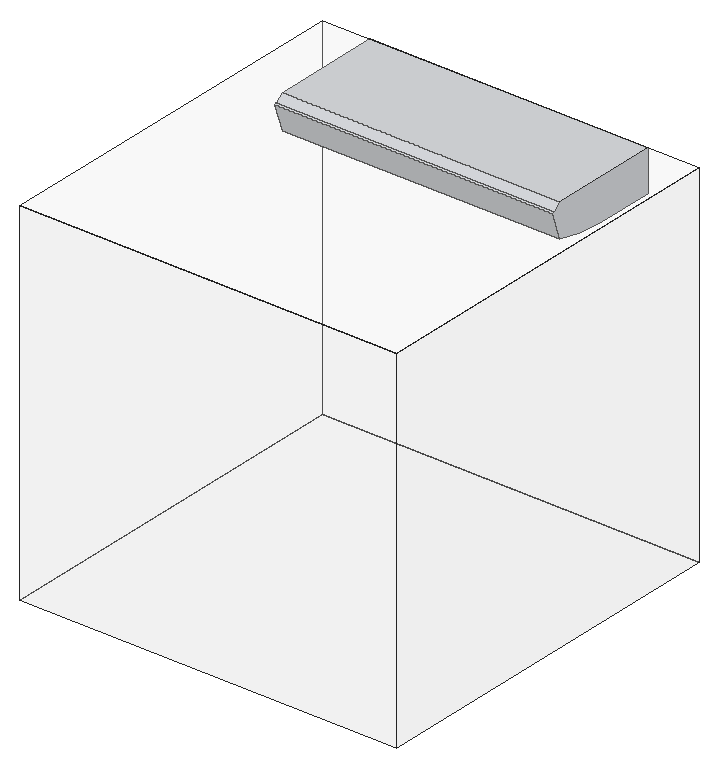
Revit family "pc-rp40_160kal18_60Hz", category 機械設備, Revit 2019
Family settings
  丸型コネクタ寸法 = 直径を使用
  パーツ タイプ = 標準
  OmniClass 番号 = 23.75.10.24.21.27.27
  OmniClass タイトル = Split System Air Conditioning Units
  作業面ベース = いいえ
  常に垂直 = はい
  ロード時にボイドで切り取り = いいえ
  共有 = いいえ
  部屋計算ポイント = はい
Parameters (values of type "天吊_PC-RP112KA18")
  風量（弱）（m3／min） = 20
  風量（中2）（m3／min） = 22
  風量（中1）（m3／min） = 26
  風量（m3／min） = 29
  風量 = MAX風量  # 1740.0 m³/h
  音響パワーレベル（弱）(dB) = 54
  音響パワーレベル（中2）(dB) = 56
  音響パワーレベル（中1）(dB) = 59
  音響パワーレベル(dB) = 62
  電源種別 = ""
  電源_H = 0 mm
  電圧_電気ヒーター = 0 V
  電圧 = 200 V
  電動機出力_送風機 = 0.16 kW
  運転質量 = 0.00 kg
  連動 = ""
  質量 = if(製品質量 > 運転質量, 製品質量, 運転質量) * 1.2  # 45.60 kg
  負荷分類 = 3_ファン類
  説明 = "店舗・事務所用パッケージエアコン(Mr.SLIM) [本体] 天吊形室内機"
  設計暖房能力 = 0.00 kW
  設計冷房能力_顕熱 = 0 kW
  設計冷房能力 = 0 kW
  設置方法 = "天井吊形"
  記号 = ""
  製造元 = "三菱電機株式会社"
  製品質量 = 38.00 kg
  製品出荷対象 = "国内"
  製品リリース年月 = "2022/10/11"
  製品グループ = ""
  背面_液管接続口 = 180 mm
  背面_ドレン管接続口 = 233 mm
  背面_ガス管接続口 = 200 mm
  系統 = ""
  符号 = "ACP-CR"
  積算_科目 = "1 空気調和設備"
  積算_拾い区分 [instance] = ""
  相 = 1
  盤記号 = ""
  発停方法 = "付属スイッチ"
  特殊仕様 = ""
  点検口離隔 [instance] = if(点検口離隔入力値 > 200 mm, 200 mm, if(点検口離隔入力値 < 150 mm, 150 mm, 点検口離隔入力値))  # 150 mm
  点検口離隔入力値 [instance] = 0 mm
  点検口設置範囲 = 0 mm
  点検口 = yes
  火災停止 = ""
  消費電力_電気ヒーター = 0.00 kW
  消費電力_暖房 = 0.00 kW
  消費電力_加湿器 = 0.00 kW
  消費電力_冷房 = 0.12 kW
  消費電力 = if(消費電力_冷房 > 消費電力_暖房, 消費電力_冷房, 消費電力_暖房) + 消費電力_加湿器 + 消費電力_電気ヒーター  # 0.12 kW
  法定耐用年数 = "6"
  極数 = 1
  材質 = ""
  本体マテリアル = none
  有効加湿量 = 0
  暖房能力 = 0.00 kW
  推奨ブレーカー容量 = 0 A
  形式_加湿器 = ""
  形式 = "天井吊（露出）形"
  幹線記号 = ""
  始動方式 = "直入"
  呼称 = "室内機_天井吊(露出)形"
  周波数 = 60 Hz
  吊り位置Y = 320 mm
  吊り位置X = 1557 mm
  吊りボルト_H = 50 mm
  台数_手元リモコン = ""
  台数_冷媒分岐ユニット = ""
  参照している仕様書等のバージョン = "公共建築物標準仕様書（機械設備工事編）平成31年度版"
  加湿給水管径 = 0 mm
  分類コード = "50053003221080"
  分類グループ = ""
  冷房能力 = 10 kW
  冷媒高低圧ガス管径 = 0 mm
  冷媒管径符号 = "Bd"
  冷媒管径 = 100 mm
  冷媒液管高さ = 126 mm
  冷媒液管径 = 9.5 mm
  冷媒ガス管高さ = 126 mm
  冷媒ガス管径 = 15.9 mm
  価格 = 357000
  企業コード = "108420"
  付属品_フィルター = ""
  付属品 = ""
  仕様書バージョン = "Version1.0"
  モデル = "PC-RP112KA18"
  パネルマテリアル = none
  ドレン管高さ = 190 mm
  ドレン管径 (外径) = 26 mm
  ドレン管径 = 20 mm
  サービススペース = yes
  コメント [instance] = ""
  ケーブル種類1 = ""
  ケーブルサイズ1 = 0 mm
  Width = 1600 mm
  Version = ""
  Uniclass2015Version = "Systems v1.9"
  Uniclass2015Title = "Split coil remote air cooled condensing units"
  Uniclass2015Code = "Pr_70_65_03_84"
  URL = "https://www.mitsubishielectric.co.jp/ldg/wink/ssl/displayProduct.do?pid=323463"
  SpecificationReference = ""
  SpecificationDescription = ""
  Revision = ""
  ProductInformation = ""
  OmniClassCode = "23-33 17 13 11"
  MIN風量 = 風量（弱）（m3／min） * 60.0 m³/h  # 1200.0 m³/h
  MID風量2 = 風量（中2）（m3／min） * 60.0 m³/h  # 1320.0 m³/h
  MID風量 = 風量（中1）（m3／min） * 60.0 m³/h  # 1560.0 m³/h
  MAX風量 = 風量（m3／min） * 60.0 m³/h  # 1740.0 m³/h
  IfcTypeProduct = ""
  IfcProduct = ""
  IfcExportType = "AIRCONDITIONINGUNIT"
  IfcExportAs = "IfcUnitaryEquipmentType"
  Height_本体 = 230 mm
  Height = Height_本体 + 6 mm  # 236 mm
  Depth = 680 mm
  Clearance Top = 1 mm
  Clearance Right = 300 mm
  Clearance Left = 270 mm
  Clearance Front = 1500 mm
  Clearance Bottom = 1800 mm
  Clearance Back = 0 mm
  Author = "三菱電機株式会社"
Types (20, lengths in mm): name | 風量（弱）（m3／min） | 風量（中2）（m3／min） | 風量（中1）（m3／min） | 風量（m3／min） | 風量 | 音響パワーレベル（弱）(dB) | 音響パワーレベル（中2）(dB) | 音響パワーレベル（中1）(dB) | 音響パワーレベル(dB) | 電動機出力_送風機 | 質量 | 製品質量 | 背面_液管接続口 | 背面_ガス管接続口 | 消費電力_暖房 | 消費電力_冷房 | 消費電力 | 暖房能力 | 吊り位置X | 冷房能力 | 冷媒管径符号 | 冷媒液管径 | 冷媒ガス管径 | 価格 | モデル | Width | URL | MIN風量 | MID風量2 | MID風量 | MAX風量
  天吊_PC-RP45KAL18 | 9 | 10 | 11 | 13 | 780.0 m³/h | 48 | 50 | 53 | 55 | 0.09 kW | 28.80 kg | 24.00 kg | 184 | 203 | 0.04 kW | 0.05 kW | 0.05 kW | 4.50 kW | 917 | 4 kW | "Ac" | 6.35 | 12.7 | 287000 | "PC-RP45KAL18" | 960 | "https://www.mitsubishielectric.co.jp/ldg/wink/ssl/displayProduct.do?pid=323627" | 540.0 m³/h | 600.0 m³/h | 660.0 m³/h | 780.0 m³/h
  天吊_PC-RP56KAL18 | 10 | 11 | 12 | 13 | 780.0 m³/h | 48 | 50 | 53 | 55 | 0.09 kW | 30.00 kg | 25.00 kg | 184 | 203 | 0.05 kW | 0.06 kW | 0.06 kW | 5.60 kW | 917 | 5 kW | "Ac" | 6.35 | 12.7 | 308000 | "PC-RP56KAL18" | 960 | "https://www.mitsubishielectric.co.jp/ldg/wink/ssl/displayProduct.do?pid=323629" | 600.0 m³/h | 660.0 m³/h | 720.0 m³/h | 780.0 m³/h
  天吊_PC-RP71KAL18 | 13 | 16 | 18 | 20 | 1200.0 m³/h | 50 | 53 | 55 | 57 | 0.095 kW | 38.40 kg | 32.00 kg | 180 | 200 | 0.09 kW | 0.10 kW | 0.10 kW | 7.00 kW | 1237 | 6.3 kW | "Bd" | 9.5 | 15.9 | 318000 | "PC-RP71KAL18" | 1280 | "https://www.mitsubishielectric.co.jp/ldg/wink/ssl/displayProduct.do?pid=323631" | 780.0 m³/h | 960.0 m³/h | 1080.0 m³/h | 1200.0 m³/h
  天吊_PC-RP80KAL18 | 13 | 16 | 18 | 20 | 1200.0 m³/h | 50 | 53 | 55 | 57 | 0.095 kW | 38.40 kg | 32.00 kg | 180 | 200 | 0.09 kW | 0.10 kW | 0.10 kW | 8.00 kW | 1237 | 7.1 kW | "Bd" | 9.5 | 15.9 | 334000 | "PC-RP80KAL18" | 1280 | "https://www.mitsubishielectric.co.jp/ldg/wink/ssl/displayProduct.do?pid=323632" | 780.0 m³/h | 960.0 m³/h | 1080.0 m³/h | 1200.0 m³/h
  天吊_PC-RP112KAL18 | 20 | 22 | 26 | 29 | 1740.0 m³/h | 54 | 56 | 59 | 62 | 0.16 kW | 45.60 kg | 38.00 kg | 180 | 200 | 0.11 kW | 0.12 kW | 0.12 kW | 11.20 kW | 1557 | 10 kW | "Bd" | 9.5 | 15.9 | 368000 | "PC-RP112KAL18" | 1600 | "https://www.mitsubishielectric.co.jp/ldg/wink/ssl/displayProduct.do?pid=323633" | 1200.0 m³/h | 1320.0 m³/h | 1560.0 m³/h | 1740.0 m³/h
  天吊_PC-RP140KAL18 | 21 | 24 | 27 | 31 | 1860.0 m³/h | 56 | 58 | 61 | 63 | 0.16 kW | 45.60 kg | 38.00 kg | 180 | 200 | 0.13 kW | 0.14 kW | 0.14 kW | 14.00 kW | 1557 | 12.5 kW | "Bd" | 9.5 | 15.9 | 420000 | "PC-RP140KAL18" | 1600 | "https://www.mitsubishielectric.co.jp/ldg/wink/ssl/displayProduct.do?pid=323634" | 1260.0 m³/h | 1440.0 m³/h | 1620.0 m³/h | 1860.0 m³/h
  天吊_PC-RP160KAL18 | 22 | 25 | 28 | 33 | 1980.0 m³/h | 58 | 60 | 62 | 65 | 0.16 kW | 45.60 kg | 38.00 kg | 180 | 200 | 0.16 kW | 0.17 kW | 0.17 kW | 16.00 kW | 1557 | 14 kW | "Bd" | 9.5 | 15.9 | 430000 | "PC-RP160KAL18" | 1600 | "https://www.mitsubishielectric.co.jp/ldg/wink/ssl/displayProduct.do?pid=323471" | 1320.0 m³/h | 1500.0 m³/h | 1680.0 m³/h | 1980.0 m³/h
  天吊_PC-RP63KAL18 | 12 | 14 | 15 | 17 | 1020.0 m³/h | 49 | 51 | 53 | 55 | 0.095 kW | 38.40 kg | 32.00 kg | 184 | 203 | 0.06 kW | 0.07 kW | 0.07 kW | 6.30 kW | 1237 | 5.6 kW | "Ac" | 6.4 | 12.7 | 317000 | "PC-RP63KAL18" | 1280 | "https://www.mitsubishielectric.co.jp/ldg/wink/ssl/displayProduct.do?pid=323630" | 720.0 m³/h | 840.0 m³/h | 900.0 m³/h | 1020.0 m³/h
  天吊_PC-RP40KAL18 | 9 | 10 | 11 | 13 | 780.0 m³/h | 48 | 50 | 53 | 55 | 0.09 kW | 28.80 kg | 24.00 kg | 184 | 203 | 0.04 kW | 0.05 kW | 0.05 kW | 4.00 kW | 917 | 3.6 kW | "Ac" | 6.35 | 12.7 | 278000 | "PC-RP40KAL18" | 960 | "https://www.mitsubishielectric.co.jp/ldg/wink/ssl/displayProduct.do?pid=323626" | 540.0 m³/h | 600.0 m³/h | 660.0 m³/h | 780.0 m³/h
  天吊_PC-RP50KAL18 | 10 | 11 | 12 | 13 | 780.0 m³/h | 48 | 50 | 53 | 55 | 0.09 kW | 30.00 kg | 25.00 kg | 184 | 203 | 0.05 kW | 0.06 kW | 0.06 kW | 5.00 kW | 917 | 4.5 kW | "Ac" | 6.35 | 12.7 | 295000 | "PC-RP50KAL18" | 960 | "https://www.mitsubishielectric.co.jp/ldg/wink/ssl/displayProduct.do?pid=323628" | 600.0 m³/h | 660.0 m³/h | 720.0 m³/h | 780.0 m³/h
  天吊_PC-RP112KA18 | 20 | 22 | 26 | 29 | 1740.0 m³/h | 54 | 56 | 59 | 62 | 0.16 kW | 45.60 kg | 38.00 kg | 180 | 200 | 0.00 kW | 0.12 kW | 0.12 kW | 0.00 kW | 1557 | 10 kW | "Bd" | 9.5 | 15.9 | 357000 | "PC-RP112KA18" | 1600 | "https://www.mitsubishielectric.co.jp/ldg/wink/ssl/displayProduct.do?pid=323463" | 1200.0 m³/h | 1320.0 m³/h | 1560.0 m³/h | 1740.0 m³/h
  天吊_PC-RP140KA18 | 21 | 24 | 27 | 31 | 1860.0 m³/h | 56 | 58 | 61 | 63 | 0.16 kW | 45.60 kg | 38.00 kg | 180 | 200 | 0.00 kW | 0.14 kW | 0.14 kW | 0.00 kW | 1557 | 12.5 kW | "Bd" | 9.5 | 15.9 | 409000 | "PC-RP140KA18" | 1600 | "https://www.mitsubishielectric.co.jp/ldg/wink/ssl/displayProduct.do?pid=323651" | 1260.0 m³/h | 1440.0 m³/h | 1620.0 m³/h | 1860.0 m³/h
  天吊_PC-RP160KA18 | 22 | 25 | 28 | 33 | 1980.0 m³/h | 58 | 60 | 62 | 65 | 0.16 kW | 45.60 kg | 38.00 kg | 180 | 200 | 0.00 kW | 0.17 kW | 0.17 kW | 0.00 kW | 1557 | 14 kW | "Bd" | 9.5 | 15.9 | 419000 | "PC-RP160KA18" | 1600 | "https://www.mitsubishielectric.co.jp/ldg/wink/ssl/displayProduct.do?pid=323464" | 1320.0 m³/h | 1500.0 m³/h | 1680.0 m³/h | 1980.0 m³/h
  天吊_PC-RP40KA18 | 9 | 10 | 11 | 13 | 780.0 m³/h | 48 | 50 | 53 | 55 | 0.09 kW | 28.80 kg | 24.00 kg | 184 | 203 | 0.00 kW | 0.05 kW | 0.05 kW | 0.00 kW | 917 | 3.6 kW | "Ac" | 6.35 | 12.7 | 267000 | "PC-RP40KA18" | 960 | "https://www.mitsubishielectric.co.jp/ldg/wink/ssl/displayProduct.do?pid=323457" | 540.0 m³/h | 600.0 m³/h | 660.0 m³/h | 780.0 m³/h
  天吊_PC-RP45KA18 | 9 | 10 | 11 | 13 | 780.0 m³/h | 48 | 50 | 53 | 55 | 0.09 kW | 28.80 kg | 24.00 kg | 184 | 203 | 0.00 kW | 0.05 kW | 0.05 kW | 0.00 kW | 917 | 4 kW | "Ac" | 6.35 | 12.7 | 276000 | "PC-RP45KA18" | 960 | "https://www.mitsubishielectric.co.jp/ldg/wink/ssl/displayProduct.do?pid=323650" | 540.0 m³/h | 600.0 m³/h | 660.0 m³/h | 780.0 m³/h
  天吊_PC-RP50KA18 | 10 | 11 | 12 | 13 | 780.0 m³/h | 48 | 50 | 53 | 55 | 0.09 kW | 30.00 kg | 25.00 kg | 184 | 203 | 0.00 kW | 0.06 kW | 0.06 kW | 0.00 kW | 917 | 4.5 kW | "Ac" | 6.35 | 12.7 | 284000 | "PC-RP50KA18" | 960 | "https://www.mitsubishielectric.co.jp/ldg/wink/ssl/displayProduct.do?pid=323458" | 600.0 m³/h | 660.0 m³/h | 720.0 m³/h | 780.0 m³/h
  天吊_PC-RP56KA18 | 10 | 11 | 12 | 13 | 780.0 m³/h | 48 | 50 | 53 | 55 | 0.09 kW | 30.00 kg | 25.00 kg | 184 | 203 | 0.00 kW | 0.06 kW | 0.06 kW | 0.00 kW | 917 | 5 kW | "Ac" | 6.35 | 12.7 | 297000 | "PC-RP56KA18" | 960 | "https://www.mitsubishielectric.co.jp/ldg/wink/ssl/displayProduct.do?pid=323459" | 600.0 m³/h | 660.0 m³/h | 720.0 m³/h | 780.0 m³/h
  天吊_PC-RP63KA18 | 12 | 14 | 15 | 17 | 1020.0 m³/h | 49 | 51 | 53 | 55 | 0.095 kW | 38.40 kg | 32.00 kg | 184 | 203 | 0.00 kW | 0.07 kW | 0.07 kW | 0.00 kW | 1237 | 5.6 kW | "Ac" | 6.4 | 12.7 | 306000 | "PC-RP63KA18" | 1280 | "https://www.mitsubishielectric.co.jp/ldg/wink/ssl/displayProduct.do?pid=323460" | 720.0 m³/h | 840.0 m³/h | 900.0 m³/h | 1020.0 m³/h
  天吊_PC-RP71KA18 | 13 | 16 | 18 | 20 | 1200.0 m³/h | 50 | 53 | 55 | 57 | 0.095 kW | 38.40 kg | 32.00 kg | 180 | 200 | 0.00 kW | 0.10 kW | 0.10 kW | 0.00 kW | 1237 | 6.3 kW | "Bd" | 9.5 | 15.9 | 307000 | "PC-RP71KA18" | 1280 | "https://www.mitsubishielectric.co.jp/ldg/wink/ssl/displayProduct.do?pid=323461" | 780.0 m³/h | 960.0 m³/h | 1080.0 m³/h | 1200.0 m³/h
  天吊_PC-RP80KA18 | 13 | 16 | 18 | 20 | 1200.0 m³/h | 50 | 53 | 55 | 57 | 0.095 kW | 38.40 kg | 32.00 kg | 180 | 200 | 0.00 kW | 0.10 kW | 0.10 kW | 0.00 kW | 1237 | 7.1 kW | "Bd" | 9.5 | 15.9 | 323000 | "PC-RP80KA18" | 1280 | "https://www.mitsubishielectric.co.jp/ldg/wink/ssl/displayProduct.do?pid=323462" | 780.0 m³/h | 960.0 m³/h | 1080.0 m³/h | 1200.0 m³/h
Reference planes
  plane 1 "中心(正面/背面)": y = 0
  plane 2: z = 0
  plane 3 "中心(左/右)": x = 0
  plane 4: z = 236
  plane 5: y = 260
  plane 6: y = -60
  plane 7: y = 340
  plane 8: y = -340
  plane 9: x = -800
  plane 10: x = 800
  plane 11: x = -1070
  plane 12: x = 1100
  plane 13 "back": y = 340
  plane 14: y = -1840
  plane 15: z = 237
  plane 16: z = -1800
  plane 17: x = 714
  plane 18: x = 629
  plane 19: z = 110
  plane 20 "液管": y = 156
  plane 21: y = 336
  plane 22 "ガス管": y = 136
  plane 23 "ドレン管": y = 103
  plane 24: x = 662
  plane 25: z = 46
  plane 26: x = -725
  plane 27: x = 671.5
Forms (mm)
  Extrusion 1, solid, detail levels fine
    sketch origin (0, 156, 0) x (0, 0, -1) y (1, 0, 0)
      loop
        circle (-110, 629) r 3.175
    from 0 to 100
  Extrusion 2, solid, detail levels fine
    sketch origin (0, 136, 0) x (0, 0, -1) y (1, 0, 0)
      loop
        circle (-110, 714) r 6.35
    from 0 to 100
  Extrusion 3, solid, detail levels fine
    sketch origin (0, 103, 0) x (0, 0, -1) y (1, 0, 0)
      loop
        circle (-46, 662) r 13
    from 0 to 100
  Extrusion 4, solid, detail levels fine
    sketch origin (0, 103, 0) x (0, 0, -1) y (1, 0, 0)
      loop
        circle (-46, -725) r 13
    from 0 to 100
  Extrusion 5, solid, detail levels fine
    sketch origin (0, 136, 0) x (0, 0, -1) y (1, 0, 0)
      loop
        circle (-110, 671.5) r 50
    from 0 to 120
Dimensions and locks
  "吊り位置Y": plane 6 to plane 5
  equal spacing: plane 8, plane 1 "中心(正面/背面)", plane 7
  "Depth": plane 8 to plane 7
  equal spacing: plane 9, plane 3 "中心(左/右)", plane 10
  "Width": plane 9 to plane 10
  "Clearance Back": plane 7 to plane 13 "back"
  "Clearance Front": plane 14 to plane 8
  "Clearance Right": plane 10 to plane 12
  "Clearance Left": plane 11 to plane 9
  "Height": plane 4 to level
  locked: plane 5 to plane 7 at 80
  "Clearance Bottom": level to plane 16
  "Clearance Top": plane 15 to plane 4
  plane 10 to plane 9 = 1600 mm
  "背面_液管接続口": plane 20 "液管" to plane 21
  "背面_ガス管接続口": plane 22 "ガス管" to plane 21
  "背面_ドレン管接続口": plane 23 "ドレン管" to plane 21
  "冷媒ガス管高さ": plane 4 to plane 19
  "ドレン管高さ": plane 4 to plane 25
  plane 17 to plane 27 to plane 18 = 42.5 mm, 42.5 mm
  locked: plane 10 to plane 17 at 86
  locked: plane 17 to plane 18 at 85
  locked: plane 10 to plane 24 at 138
  locked: plane 26 to plane 9 at 75
  diameter of Extrusion 2 = 12.7 mm
  diameter of Extrusion 1 = 6.35 mm
  "ドレン管径 (外径)": diameter of Extrusion 3
  "ドレン管径 (外径)": diameter of Extrusion 4
  aligned and locked: level to plane 2
  aligned and locked: nested 2 to plane 5
  aligned and locked: plane 6 to nested 2
  aligned and locked: nested 1 to plane 11
  aligned and locked: nested 1 to plane 12
  aligned and locked: plane 14 to nested 1
  aligned and locked: plane 13 "back" to nested 1
  aligned and locked: plane 15 to nested 1
  aligned and locked: plane 1 "中心(正面/背面)" to nested 3
  aligned and locked: plane 3 "中心(左/右)" to nested 3
  aligned and locked: plane 16 to nested 1
  aligned and locked: Extrusion 1 to plane 20 "液管"
  aligned and locked: Extrusion 2 to plane 22 "ガス管"
  aligned and locked: Extrusion 3 to plane 23 "ドレン管"
  aligned and locked: Extrusion 4 to plane 23 "ドレン管"
Automatic sketch dimensions
  Extrusion 1 sketch curve to plane 18 = 0 mm
  Extrusion 1 sketch curve to plane 19 = 0 mm
  Extrusion 2 sketch curve to plane 17 = 0 mm
  Extrusion 2 sketch curve to plane 19 = 0 mm
  Extrusion 3 sketch curve to plane 24 = 0 mm
  Extrusion 3 sketch curve to plane 25 = 0 mm
  Extrusion 4 sketch curve to plane 25 = 0 mm
  Extrusion 4 sketch curve to plane 26 = 0 mm
  Extrusion 5 sketch curve to plane 19 = 0 mm
  Extrusion 5 sketch curve to plane 27 = 0 mm
  radius of Extrusion 1 sketch curve = 3.175 mm
  radius of Extrusion 2 sketch curve = 6.35 mm
  radius of Extrusion 3 sketch curve = 13 mm
  radius of Extrusion 4 sketch curve = 13 mm
  radius of Extrusion 5 sketch curve = 50 mm
Nested families
  nested 1: "サービススペース" at (15, -750, -781.5), visible <- "サービススペース", type "サービススペース"
    with Width 2170 mm, Height 2037 mm, Depth 2180 mm
  nested 2: "固定点" at (-458.5, -60, 0), type "固定点"
    with W 917 mm, D 320 mm
  nested 3: "PCFY-P-KMG" at (0, 0, 0), type "PCFY-P-KMG", detail levels fine
    with 冷媒配管サイズ 9.5 mm, 吊りボルト-W 1557 mm, ガス配管サイズ 15.9 mm, 幅さ 1600 mm
Connectors
  electrical at (516, 339, 206), driven by "極数", driven by "負荷分類", driven by "電圧", driven by "消費電力"
    settings: on nested 3, index 1, voltage 200 V, apparent load 120 VA, apparent load phase1 0 VA, apparent load phase2 0 VA, apparent load phase3 0 VA, power factor 1, load classification "3_ファン類", number of poles 1, system type 30, power factor state 1, is connector primary yes, connector utility no, sub classification motor no, connector description ""
  piping at (671.5, 136, 110), diameter 100, driven by "冷媒管径"
    settings: on Extrusion 5, index 2, connector inside diameter 609.6 mm, connector length 0 mm, flow factor 0, pipe flow 0.0 L/s, pressure drop 0.0 Pa, fitting loss kfactor 0, connector angle 0.00°, fixture units 0, engagement length 0 mm, angle of deflection 0.00°, flow configuration 1, flow direction 1, fitting loss method 4, system type 7, joint type 0, gender type 0, connector reference index -1, connector utility 0, adjustable connector no, is connector primary yes, connector description "冷媒管"
  piping at (662, 103, 46), diameter 20, driven by "ドレン管径"
    settings: on Extrusion 3, index 3, connector inside diameter 609.6 mm, connector length 0 mm, flow factor 0, pipe flow 0.0 L/s, pressure drop 0.0 Pa, fitting loss kfactor 0, connector angle 0.00°, fixture units 0, engagement length 0 mm, angle of deflection 0.00°, flow configuration 1, flow direction 2, fitting loss method 0, system type 16, joint type 0, gender type 0, connector reference index -1, connector utility 0, adjustable connector no, is connector primary no, connector description "ドレン管1"
  piping at (-725, 103, 46), diameter 20, driven by "ドレン管径"
    settings: on Extrusion 4, index 4, connector inside diameter 609.6 mm, connector length 0 mm, flow factor 0, pipe flow 0.0 L/s, pressure drop 0.0 Pa, fitting loss kfactor 0, connector angle 0.00°, fixture units 0, engagement length 0 mm, angle of deflection 0.00°, flow configuration 1, flow direction 2, fitting loss method 0, system type 16, joint type 0, gender type 0, connector reference index -1, connector utility 0, adjustable connector no, is connector primary no, connector description "ドレン管2"
Definition of nested family "サービススペース"
  Parameters (values of type "サービススペース")
    Width [instance] = 500 mm
    Height [instance] = 500 mm
    Depth [instance] = 500 mm
  Reference planes
    plane 1 "中心(正面/背面)": y = 0
    plane 2: z = 0
    plane 3 "中心(左/右)": x = 0
    plane 4: y = -250
    plane 5: x = 250
    plane 6: y = 250
    plane 7: x = -250
    plane 8: z = 250
    plane 9: z = -250
  Forms (mm)
    Extrusion 1, solid
      sketch origin (-638.939, 0, 72.39) x (1, 0, 0) y (0, 1, 0)
        loop
          line (388.939, 250) -> (388.939, -250) -> (888.939, -250) -> (888.939, 250) -> (388.939, 250)
      from -322.39 to 177.61
  Lines and regions (mm)
    symbolic lines
      curve 1: line (-250, 0, 250) -> (250, 0, 250)
      curve 2: line (-250, 0, -250) -> (-250, 0, 250)
      curve 3: line (250, 0, -250) -> (-250, 0, -250)
      curve 4: line (250, 0, 250) -> (250, 0, -250)
      curve 5: line (0, -250, 250) -> (0, 250, 250)
      curve 6: line (0, -250, -250) -> (0, -250, 250)
      curve 7: line (0, 250, -250) -> (0, -250, -250)
      curve 8: line (0, 250, 250) -> (0, 250, -250)
      curve 9: line (-250, 250, 0) -> (250, 250, 0)
      curve 10: line (-250, -250, 0) -> (-250, 250, 0)
      curve 11: line (250, -250, 0) -> (-250, -250, 0)
      curve 12: line (250, 250, 0) -> (250, -250, 0)
  Dimensions and locks
    equal spacing: plane 7, plane 3 "中心(左/右)", plane 5
    equal spacing: plane 4, plane 1 "中心(正面/背面)", plane 6
    "Depth": plane 4 to plane 6
    "Width": plane 7 to plane 5
    equal spacing: plane 8, plane 2, plane 9
    "Height": plane 8 to plane 9
    aligned and locked: plane 9 to curve 3
    aligned and locked: plane 7 to curve 2
    aligned and locked: curve 4 to plane 5
    aligned and locked: plane 5 to Extrusion 1
    aligned and locked: Extrusion 1 to plane 7
    aligned and locked: Extrusion 1 to plane 9
    aligned and locked: plane 8 to Extrusion 1
    aligned and locked: plane 9 to curve 7
  Automatic sketch dimensions
    plane 4 to Extrusion 1 sketch curve = 0 mm
    Extrusion 1 sketch curve to plane 7 = 0 mm
    Extrusion 1 sketch curve to plane 5 = 0 mm
    plane 6 to Extrusion 1 sketch curve = 0 mm
    curve 2 to plane 8 = 0 mm
    plane 4 to curve 11 = 0 mm
    curve 11 to plane 7 = 0 mm
    curve 11 to plane 5 = 0 mm
    plane 6 to curve 10 = 0 mm
    curve 7 to plane 4 = 0 mm
    curve 7 to plane 6 = 0 mm
    curve 6 to plane 8 = 0 mm
Definition of nested family "PCFY-P-KMG"
  Parameters (values of type "PCFY-P-KMG")
    配線取出口サイズ = 22 mm
    配線取出口-Z = 0 mm
    配線取出口-Y = 0 mm
    配線取出口-X = 0 mm
    液配管サイズ = 100 mm
    高さ = 236 mm
    奥行き = 680 mm
    吊りボルト_H = 50 mm
    冷媒配管サイズ = 6.35 mm
    冷媒液管径-Z = 0 mm
    冷媒液管径-Y = 0 mm
    冷媒液管径-X = 0 mm
    冷媒ガス管径-Z = 0 mm
    冷媒ガス管径-Y = 0 mm
    冷媒ガス管径-X = 0 mm
    吊りボルト-W = 917 mm
    マテリアル = none
    ドレン配管サイズ = 26 mm
    ドレン管径-Z = 0 mm
    ドレン管径-Y = 0 mm
    ドレン管径-X = 0 mm
    ガス配管サイズ = 12.7 mm
    吊りボルト-D = 320 mm
    幅さ = 960 mm
  Reference planes
    plane 1 "中心(正面/背面)": y = 0
    plane 2: z = 0
    plane 3 "中心(左/右)": x = 0
    plane 4: z = 236
    plane 5: x = -480
    plane 6: x = 480
    plane 7: y = 340
    plane 8: y = -340
    plane 9: y = -289
    plane 10: y = -330
    plane 11: y = -335
    plane 12: z = 84
    plane 13: z = 172
    plane 14: z = 195
    plane 15: z = 200
    plane 16: z = 40
    plane 17: x = -426.5
    plane 18: x = 426.5
    plane 19: y = -136
    plane 20: y = -193
    plane 21: y = 86
    plane 22: z = 110
    plane 23: x = -469
    plane 24: y = 156
    plane 25: y = 137
    plane 26: y = 94
    plane 27: x = -158
    plane 28: z = 206
    plane 29: x = 196
    plane 30: x = 158
    plane 31: y = 140
  Forms (mm)
    Extrusion 1, solid, material <- "マテリアル"
      sketch origin (480, 1296.25, 1200) x (0, 1, 0) y (0, 0, 1)
        loop
          line (-1585.25, -964) -> (-1626.25, -1000) -> (-1631.25, -1000) -> (-1636.25, -1005) -> (-1585.25, -1160)
          arc (-1585.25, -1160) -> (-1442.128, -1189.953) -> (-1296.25, -1200) r 1064.013
          line (-1296.25, -1200) -> (-956.25, -1200) -> (-956.25, -964) -> (-1585.25, -964)
      from -960 to 0
    Extrusion 2, solid, material <- "マテリアル"
      sketch origin (674, 0, 0) x (1, 0, 0) y (0, 0, 1)
        loop
          circle (-478, 206) r 11
      from -339 to -340
    Extrusion 3, solid, material <- "マテリアル"
      sketch origin (636, 0, 0) x (1, 0, 0) y (0, 0, 1)
        loop
          circle (-478, 206) r 11
      from -339 to -340
    Extrusion 4, solid, material <- "マテリアル"
      sketch origin (674, 0, -169) x (1, 0, 0) y (0, 0, 1)
        loop
          circle (-478, 206) r 11
      from -339 to -340
    Extrusion 5, solid, material <- "マテリアル"
      sketch origin (636, 0, -169) x (1, 0, 0) y (0, 0, 1)
        loop
          circle (-478, 206) r 11
      from -339 to -340
  Lines and regions (mm)
    model lines
      curve 1: line (426.5, -303.59, 84.341) -> (426.5, -332.355, 171.766)
      curve 2: line (426.5, -332.355, 171.766) -> (-426.5, -332.355, 171.766)
      curve 3: line (-426.5, -303.59, 84.341) -> (426.5, -303.59, 84.341)
      curve 4: line (-426.5, -332.355, 171.766) -> (-426.5, -303.59, 84.341)
      curve 5: line (-426.5, 310, 0) -> (-426.5, 86, 0)
      curve 6: line (426.5, 310, 0) -> (426.5, 86, 0)
      curve 7: line (426.5, 310, 0) -> (-426.5, 310, 0)
      curve 8: line (426.5, 86, 0) -> (-426.5, 86, 0)
      curve 9: line (426.5, 294, 0) -> (-426.5, 294, 0)
      curve 10: line (426.5, 278, 0) -> (-426.5, 278, 0)
      curve 11: line (426.5, 262, 0) -> (-426.5, 262, 0)
      curve 12: line (426.5, 246, 0) -> (-426.5, 246, 0)
      curve 13: line (426.5, 230, 0) -> (-426.5, 230, 0)
      curve 14: line (426.5, 214, 0) -> (-426.5, 214, 0)
      curve 15: line (426.5, 198, 0) -> (-426.5, 198, 0)
      curve 16: line (426.5, 182, 0) -> (-426.5, 182, 0)
      curve 17: line (426.5, 166, 0) -> (-426.5, 166, 0)
      curve 18: line (426.5, 150, 0) -> (-426.5, 150, 0)
      curve 19: line (426.5, 134, 0) -> (-426.5, 134, 0)
      curve 20: line (426.5, 118, 0) -> (-426.5, 118, 0)
      curve 21: line (426.5, 102, 0) -> (-426.5, 102, 0)
  Dimensions and locks
    equal spacing: plane 8, plane 1 "中心(正面/背面)", plane 7
    "奥行き": plane 8 to plane 7
    equal spacing: plane 5, plane 3 "中心(左/右)", plane 6
    "幅さ": plane 5 to plane 6
    "高さ": plane 4 to level
    locked: plane 8 to plane 11 at 5
    locked: plane 8 to plane 10 at 10
    locked: plane 8 to plane 9 at 51
    locked: plane 12 to level at 84
    locked: plane 14 to level at 195
    locked: plane 15 to level at 200
    locked: plane 16 to level at 40
    plane 17 to plane 18 = 853 mm
    locked: plane 5 to plane 17 at 53.5
    locked: plane 18 to plane 6 at 53.5
    locked: plane 13 to plane 12 at 88
    locked: plane 20 to plane 19 at 57
    locked: plane 19 to plane 7 at 476
    locked: plane 21 to plane 7 at 254
    locked: plane 4 to plane 22 at 126
    locked: plane 26 to plane 7 at 246
    locked: plane 24 to plane 7 at 184
    locked: plane 25 to plane 7 at 203
    locked: plane 5 to plane 27 at 322
    locked: plane 4 to plane 28 at 30
    plane 6 to plane 29 = 284 mm
    plane 29 to plane 30 = 38 mm
    "配線取出口サイズ": diameter of Extrusion 2 sketch curve
    "配線取出口サイズ": diameter of Extrusion 3 sketch curve
    "配線取出口サイズ": diameter of Extrusion 4 sketch curve
    "配線取出口サイズ": diameter of Extrusion 5 sketch curve
    aligned and locked: level to plane 2
    aligned and locked: Extrusion 1 sketch curve to plane 4
    aligned and locked: Extrusion 1 sketch curve to plane 7
    aligned and locked: Extrusion 1 sketch curve to level
    aligned and locked: plane 15 to Extrusion 1 sketch curve
    aligned and locked: plane 14 to Extrusion 1 sketch curve
    aligned and locked: plane 16 to Extrusion 1 sketch curve
    aligned and locked: Extrusion 1 to plane 5
    aligned and locked: plane 6 to Extrusion 1
    aligned and locked: curve 4 to plane 17
    aligned and locked: plane 18 to curve 1
    aligned and locked: curve 5 to plane 17
    aligned and locked: curve 6 to plane 18
    aligned and locked: curve 8 to plane 21
    aligned and locked: plane 28 to Extrusion 2 sketch curve
    aligned and locked: plane 7 to Extrusion 2
  Automatic sketch dimensions
    plane 7 to curve 7 = 30 mm
    curve 21 to plane 26 = 8 mm
    curve 21 to curve 20 = 16 mm
    plane 25 to curve 19 = 3 mm
    plane 24 to curve 18 = 6 mm
    curve 17 to plane 24 = 10 mm
    curve 17 to curve 16 = 16 mm
    curve 16 to curve 15 = 16 mm
    curve 15 to curve 14 = 16 mm
    curve 14 to curve 13 = 16 mm
    curve 13 to curve 12 = 16 mm
    curve 12 to curve 11 = 16 mm
    curve 11 to curve 10 = 16 mm
    curve 10 to curve 9 = 16 mm
    Extrusion 1 sketch curve to plane 8 = 0 mm
    Extrusion 1 sketch curve to plane 11 = 0 mm
    Extrusion 1 sketch curve to plane 10 = 0 mm
    Extrusion 1 sketch curve to plane 9 = 0 mm  (x2)
    Extrusion 1 sketch curve to plane 1 "中心(正面/背面)" = 0 mm
    Extrusion 1 to curve 1 = 24.459 mm
    curve 3 to Extrusion 1 = 46.68 mm
    Extrusion 1 to curve 4 = 53.5 mm
    Extrusion 1 to curve 3 = 53.5 mm
    Extrusion 2 sketch curve to plane 29 = 0 mm
    Extrusion 3 sketch curve to plane 28 = 0 mm
    Extrusion 3 sketch curve to plane 30 = 0 mm
    Extrusion 4 sketch curve to plane 29 = 0 mm
    Extrusion 4 sketch curve to plane 16 = 3 mm
    Extrusion 5 sketch curve to plane 30 = 0 mm
    Extrusion 5 sketch curve to plane 16 = 3 mm
Definition of nested family "固定点"
  Parameters (values of type "固定点")
    中心円 = 20 mm
    W [instance] = 1000 mm
    D [instance] = 1000 mm
  Reference planes
    plane 1 "中心(正面/背面)": y = 0
    plane 2: z = 0
    plane 3 "中心(左/右)": x = 0
    plane 4: x = 1000
    plane 5: y = 1000
  Lines and regions (mm)
    symbolic lines, detail levels fine
      curve 1: circle (0, 1000, 0) r 10 normal (0, 0, 1)
      curve 2: circle (0, 0, 0) r 10 normal (0, 0, 1)
      curve 3: circle (1000, 1000, 0) r 10 normal (0, 0, 1)
      curve 4: circle (1000, 0, 0) r 10 normal (0, 0, 1)
      curve 5: line (-200, 1000, 0) -> (1200, 1000, 0)
      curve 6: line (-200, 0, 0) -> (1200, 0, 0)
      curve 7: line (0, 1200, 0) -> (0, -200, 0)
      curve 8: line (1000, 1200, 0) -> (1000, -200, 0)
  Dimensions and locks
    "W": plane 3 "中心(左/右)" to plane 4
    "D": plane 1 "中心(正面/背面)" to plane 5
    "中心円": diameter of curve 1
    "中心円": diameter of curve 2
    "中心円": diameter of curve 3
    "中心円": diameter of curve 4
    aligned and locked: level to plane 2
    aligned and locked: plane 5 to curve 1
    aligned and locked: plane 3 "中心(左/右)" to curve 1
    aligned and locked: plane 3 "中心(左/右)" to curve 2
    aligned and locked: plane 1 "中心(正面/背面)" to curve 2
    aligned and locked: plane 4 to curve 3
    aligned and locked: plane 5 to curve 3
    aligned and locked: plane 1 "中心(正面/背面)" to curve 4
    aligned and locked: plane 4 to curve 4
    aligned and locked: plane 1 "中心(正面/背面)" to curve 6
    aligned and locked: curve 7 to plane 3 "中心(左/右)"
    aligned and locked: curve 8 to plane 4
  Automatic sketch dimensions
    curve 5 to plane 5 = 0 mm
    curve 6 to plane 3 "中心(左/右)" = 200 mm
    curve 5 to plane 3 "中心(左/右)" = 200 mm
    curve 4 to curve 6 = 200 mm
    curve 3 to curve 5 = 200 mm
    plane 1 "中心(正面/背面)" to curve 8 = 200 mm
    plane 1 "中心(正面/背面)" to curve 7 = 200 mm
    curve 3 to curve 8 = 200 mm
    curve 1 to curve 7 = 200 mm
